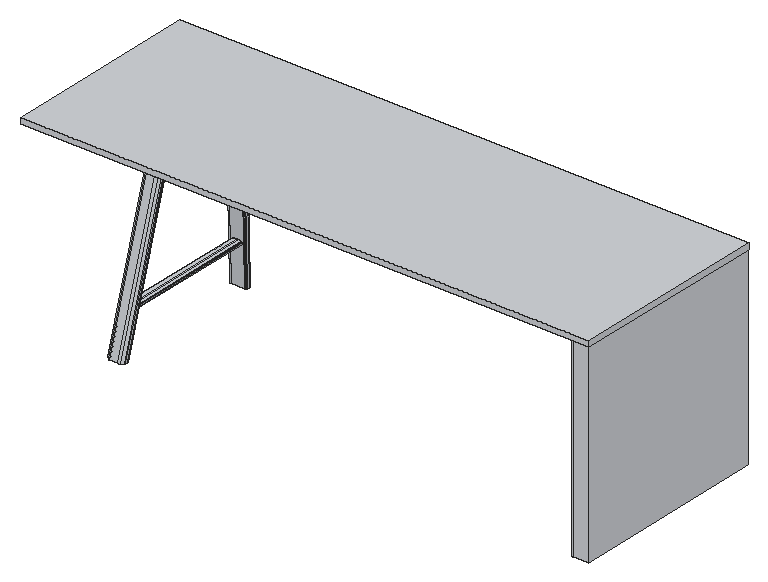
Revit family "Bernhardt_Design-Tables-Freestanding-Frame-Block_42h-Blueprint", category Furniture, Revit 2016
Family settings
  OmniClass Number = 23.40.20.00
  OmniClass Title = General Furniture and Specialties
  Work Plane-Based = No
  Always vertical = Yes
  Cut with Voids When Loaded = No
  Shared = No
  Room Calculation Point = No
Parameters (values of type "BPS-COB-AC")
  Wood = none
  URL = "http://www.bernhardtdesign.com"
  TotalWidth = 120"
  TotalDepth = 42"
  TableWidth_right = TotalWidth / 2 - 8 3/4"  # 51 1/4"
  TableWidth_left = TotalWidth / 2 + 8 3/4"  # 68 3/4"
  TableTopHeight = TotalHeight - 1 1/4"  # 40 3/4"
  TotalHeight = 42"
  TableTop = none
  TableDepth = TotalDepth / 2  # 21"
  SKU = "BPS-COB-AC"
  RailCapFront = RailCap + 2"  # 2"
  RailCap = 0"
  Model = "Blueprint"  # constant formula
  Manufacturer = "Bernhardt Design"  # constant formula
  Railing_bottom = -Railing_top  # -36 1/2"
  Railing_top = 36 1/2"
  LegDistance = 20"
  LegHeight = TableTopHeight  # 40 3/4"
  Copyright © = "Copyright © Bernhardt Design"  # constant formula
  Catalog = SKU  # "BPS-COB-AC"
  CapDistance_right = TableWidth_right - 4"  # 47 1/4"
  CapDistance_left = 47 1/4"
  Blueprint Gray = Blueprint Gray
  BlackPaint = Black Paint
  Authoring Version = "Autodesk Revit 2016"  # constant formula
Types (7): name | TotalWidth | TotalDepth | TableWidth_right | TableWidth_left | TableDepth | SKU | Railing_bottom | Railing_top | Catalog | CapDistance_right | CapDistance_left
  (no name) | 120" | 42" | 51 1/4" | 68 3/4" | 21" | "BPS-COB-AC" | -36 1/2" | 36 1/2" | "BPS-COB-AC" | 47 1/4" | 47 1/4"
  BPS-CGB-AC | 72" | 42" | 27 1/4" | 44 3/4" | 21" | "BPS-CGB-AC" | -24 1/2" | 24 1/2" | "BPS-CGB-AC" | 23 1/4" | 33 1/4"
  BPS-CKB-AC | 96" | 42" | 39 1/4" | 56 3/4" | 21" | "BPS-CKB-AC" | -36 1/2" | 36 1/2" | "BPS-CKB-AC" | 35 1/4" | 35 1/4"
  BPS-COB-AC | 120" | 42" | 51 1/4" | 68 3/4" | 21" | "BPS-COB-AC" | -36 1/2" | 36 1/2" | "BPS-COB-AC" | 47 1/4" | 47 1/4"
  BPS-CGA-AC | 72" | 36" | 27 1/4" | 44 3/4" | 18" | "BPS-CGA-AC" | -24 1/2" | 24 1/2" | "BPS-CGA-AC" | 23 1/4" | 33 1/4"
  BPS-CKA-AC | 96" | 36" | 39 1/4" | 56 3/4" | 18" | "BPS-CKA-AC" | -36 1/2" | 36 1/2" | "BPS-CKA-AC" | 35 1/4" | 35 1/4"
  BPS-COA-AC | 120" | 36" | 51 1/4" | 68 3/4" | 18" | "BPS-COA-AC" | -36 1/2" | 36 1/2" | "BPS-COA-AC" | 47 1/4" | 47 1/4"
Reference planes (in)
  plane 1 "Center Front/Back": y = 0
  plane 2: z = 0
  plane 3 "Center Left/Right": x = 0
  plane 4 "railTop_plane": z = 39.8248
  plane 5 "TableTop_plane": z = 42
  plane 6 "tableBottom_plane": z = 40.75
  plane 7 "railBottom_plane": z = 37.79724
  plane 8 "Crossbar_top_plane": y = 12.06057
  plane 9 "Crossbar_bottom_plane": y = -12.16143
  plane 10 "width_left_plane": x = -68.75
  plane 11 "width_right_plane": x = 51.25
  plane 12 "depth_top_plane": y = 21
  plane 13 "depth_bottom_plane": y = -21
  plane 14 "RailEnd_right_plane": x = 47.25
  plane 15 "RailEnd_left_plane": x = -47.25
  plane 16 "EndCap_right_plane": x = 48.99932
  plane 17 "EndCap_left_plane": x = -48.99269
Forms (in)
  Extrusion 1, solid, material <- "TableTop"
    sketch origin (0, 0, 0) x (1, 0, 0) y (0, 1, 0)
      loop
        line (-68.75, 21) -> (-68.75, -21) -> (51.25, -21) -> (51.25, 21) -> (-68.75, 21)
    from 42 <- "TotalHeight" to 40.75 <- "TableTopHeight"
  Extrusion 2, solid, material "Blueprint Gray" <- "Blueprint Gray"
    sketch origin (0, -6.68362, 17.41142) x (0, -1, 0) y (0, 0, 1)
      loop
        arc (-0.89738, 22.41338) -> (-0.95224, 22.39066) -> (-0.97496, 22.3358) r 0.07758
        line (-0.97496, 22.3358) -> (-0.97496, 20.46243)
        arc (-0.97496, 20.46243) -> (-0.95253, 20.40826) -> (-0.89836, 20.38583) r 0.0766
        line (-0.89836, 20.38583) -> (0.74076, 20.38583)
        arc (0.74076, 20.38583) -> (0.79557, 20.40853) -> (0.81827, 20.46334) r 0.07751
        line (0.81827, 20.46334) -> (0.81827, 22.334)
        arc (0.81827, 22.334) -> (0.79502, 22.39013) -> (0.73889, 22.41338) r 0.07938
        line (0.73889, 22.41338) -> (-0.89738, 22.41338)
      loop
        arc (-14.10793, 22.41338) -> (-14.16279, 22.39066) -> (-14.18551, 22.3358) r 0.07758
        line (-14.18551, 22.3358) -> (-14.18551, 20.46243)
        arc (-14.18551, 20.46243) -> (-14.16307, 20.40826) -> (-14.10891, 20.38583) r 0.0766
        line (-14.10891, 20.38583) -> (-12.46979, 20.38583)
        arc (-12.46979, 20.38583) -> (-12.41498, 20.40853) -> (-12.39228, 20.46334) r 0.07751
        line (-12.39228, 20.46334) -> (-12.39228, 22.334)
        arc (-12.39228, 22.334) -> (-12.41553, 22.39013) -> (-12.47166, 22.41338) r 0.07938
        line (-12.47166, 22.41338) -> (-14.10793, 22.41338)
    from -47.25 to 47.25
  Extrusion 3, solid, material "Blueprint Gray" <- "Blueprint Gray"
    sketch origin (47.25, 0, 0) x (0, 0, -1) y (0, -1, 0)
      loop
        line (-40.75, -7.53436) -> (-37.7432, -7.53436) -> (-37.7432, -5.65936) -> (-40.75, -5.65936) -> (-40.75, -7.53436)
      loop
        line (-40.75, 5.66998) -> (-37.7432, 5.66998) -> (-37.7432, 7.53436) -> (-40.75, 7.53436) -> (-40.75, 5.66998)
    from 0 <- "RailCap" to 2 <- "RailCapFront"
  Extrusion 4, solid, material "Blueprint Gray" <- "Blueprint Gray"
    sketch origin (-47.25, 0, 0) x (0, 0, 1) y (0, -1, 0)
      loop
        line (40.75, -7.53436) -> (40.75, -5.65936) -> (37.7432, -5.65936) -> (37.7432, -7.53436) -> (40.75, -7.53436)
      loop
        line (40.75, 5.66998) -> (40.75, 7.53436) -> (37.7432, 7.53436) -> (37.7432, 5.66998) -> (40.75, 5.66998)
    from 0 <- "RailCap" to 2 <- "RailCapFront"
  Extrusion 5, solid, material <- "Wood"
    sketch origin (0, 0, 0) x (1, 0, 0) y (0, 0, 1)
      loop
        line (-47.25, 40.75) -> (-48.49488, 40.75) -> (-48.97006, 36.22889) -> (-47.25, 36.22889) -> (-47.25, 40.75)
    from -9.99793 to 10.02657
  Extrusion 6, solid, material <- "Wood"
    sketch origin (-35.68981, -12.16143, 0) x (1, 0, 0) y (0, 0, 1)
      loop
        line (-15.05423, 10) -> (-16.03583, 10)
        arc (-16.03583, 10) -> (-16.13195, 9.97957) -> (-16.21145, 9.92181) r 0.23632
        line (-16.21145, 9.92181) -> (-16.48556, 9.60649)
        arc (-16.48556, 9.60649) -> (-16.521, 9.54977) -> (-16.53718, 9.48488) r 0.21376
        line (-16.53718, 9.48488) -> (-16.53718, 9.40601)
        arc (-16.53718, 9.40601) -> (-16.53498, 9.36995) -> (-16.52839, 9.33443) r 0.29589
        line (-16.52839, 9.33443) -> (-16.22713, 8.76783)
        arc (-16.22713, 8.76783) -> (-16.12603, 8.6613) -> (-15.9845, 8.62205) r 0.27478
        line (-15.9845, 8.62205) -> (-15.10556, 8.62205)
        arc (-15.10556, 8.62205) -> (-14.96403, 8.6613) -> (-14.86294, 8.76783) r 0.27478
        line (-14.86294, 8.76783) -> (-14.56167, 9.33443)
        arc (-14.56167, 9.33443) -> (-14.55508, 9.36995) -> (-14.55288, 9.40601) r 0.29589
        line (-14.55288, 9.40601) -> (-14.55288, 9.48488)
        arc (-14.55288, 9.48488) -> (-14.56906, 9.54977) -> (-14.6045, 9.60649) r 0.21376
        line (-14.6045, 9.60649) -> (-14.87861, 9.92181)
        arc (-14.87861, 9.92181) -> (-14.95811, 9.97957) -> (-15.05423, 10) r 0.23632
    from 2.60031 to -26.91143
  Blend 7, solid, material <- "Wood"
    base sketch origin (13.28914, 0, 0) x (1, 0, 0) y (0, 1, 0)
      loop
        line (-64.54539, 17.12558) -> (-66.26528, 17.12558)
        arc (-66.26528, 17.12558) -> (-66.46506, 17.08129) -> (-66.62741, 16.95672) r 0.47272
        line (-66.62741, 16.95672) -> (-67.19214, 16.5155)
        arc (-67.19214, 16.5155) -> (-67.27568, 16.4194) -> (-67.31714, 16.299) r 0.33368
        line (-67.31714, 16.299) -> (-67.31714, 15.94054)
        arc (-67.31714, 15.94054) -> (-67.30053, 15.84638) -> (-67.25273, 15.76358) r 0.2753
        line (-67.25273, 15.76358) -> (-67.11805, 15.62891)
        arc (-67.11805, 15.62891) -> (-67.03777, 15.57776) -> (-66.9434, 15.56534) r 0.21989
        line (-66.9434, 15.56534) -> (-63.86726, 15.56534)
        arc (-63.86726, 15.56534) -> (-63.77289, 15.57776) -> (-63.69262, 15.62891) r 0.21989
        line (-63.69262, 15.62891) -> (-63.55794, 15.76358)
        arc (-63.55794, 15.76358) -> (-63.51013, 15.84638) -> (-63.49353, 15.94054) r 0.2753
        line (-63.49353, 15.94054) -> (-63.49353, 16.299)
        arc (-63.49353, 16.299) -> (-63.53499, 16.4194) -> (-63.61853, 16.5155) r 0.33368
        line (-63.61853, 16.5155) -> (-64.18326, 16.95672)
        arc (-64.18326, 16.95672) -> (-64.34561, 17.08129) -> (-64.54539, 17.12558) r 0.47272
    top sketch origin (13.28914, 0, 0) x (1, 0, 0) y (0, 1, 0)
      loop
        line (-60.31413, 10.71574) -> (-62.03402, 10.71574)
        arc (-62.03402, 10.71574) -> (-62.2338, 10.67145) -> (-62.39615, 10.54688) r 0.47272
        line (-62.39615, 10.54688) -> (-62.96088, 10.10567)
        arc (-62.96088, 10.10567) -> (-63.04442, 10.00956) -> (-63.08588, 9.88916) r 0.33368
        line (-63.08588, 9.88916) -> (-63.08588, 9.53071)
        arc (-63.08588, 9.53071) -> (-63.06927, 9.43655) -> (-63.02147, 9.35375) r 0.2753
        line (-63.02147, 9.35375) -> (-62.88679, 9.21907)
        arc (-62.88679, 9.21907) -> (-62.80651, 9.16793) -> (-62.71214, 9.15551) r 0.21989
        line (-62.71214, 9.15551) -> (-59.636, 9.15551)
        arc (-59.636, 9.15551) -> (-59.54163, 9.16793) -> (-59.46136, 9.21907) r 0.21989
        line (-59.46136, 9.21907) -> (-59.32668, 9.35375)
        arc (-59.32668, 9.35375) -> (-59.27887, 9.43655) -> (-59.26227, 9.53071) r 0.2753
        line (-59.26227, 9.53071) -> (-59.26227, 9.88916)
        arc (-59.26227, 9.88916) -> (-59.30373, 10.00956) -> (-59.38727, 10.10567) r 0.33368
        line (-59.38727, 10.10567) -> (-59.952, 10.54688)
        arc (-59.952, 10.54688) -> (-60.11435, 10.67145) -> (-60.31413, 10.71574) r 0.47272
    from 0 to 40.75 <- "LegHeight"
  Blend 8, solid, material <- "Wood"
    base sketch origin (13.28914, 0, 0) x (1, 0, 0) y (0, 1, 0)
      loop
        arc (-64.54538, -17.12558) -> (-64.3456, -17.08129) -> (-64.18326, -16.95671) r 0.47272
        line (-64.18326, -16.95671) -> (-63.61853, -16.5155)
        arc (-63.61853, -16.5155) -> (-63.53499, -16.41939) -> (-63.49353, -16.29899) r 0.33368
        line (-63.49353, -16.29899) -> (-63.49353, -15.94054)
        arc (-63.49353, -15.94054) -> (-63.51013, -15.84638) -> (-63.55794, -15.76358) r 0.2753
        line (-63.55794, -15.76358) -> (-63.69261, -15.6289)
        arc (-63.69261, -15.6289) -> (-63.77289, -15.57776) -> (-63.86726, -15.56534) r 0.21989
        line (-63.86726, -15.56534) -> (-66.9434, -15.56534)
        arc (-66.9434, -15.56534) -> (-67.03777, -15.57776) -> (-67.11805, -15.6289) r 0.21989
        line (-67.11805, -15.6289) -> (-67.25273, -15.76358)
        arc (-67.25273, -15.76358) -> (-67.30053, -15.84638) -> (-67.31713, -15.94054) r 0.2753
        line (-67.31713, -15.94054) -> (-67.31713, -16.29899)
        arc (-67.31713, -16.29899) -> (-67.27568, -16.41939) -> (-67.19213, -16.5155) r 0.33368
        line (-67.19213, -16.5155) -> (-66.6274, -16.95671)
        arc (-66.6274, -16.95671) -> (-66.46506, -17.08129) -> (-66.26528, -17.12558) r 0.47272
        line (-66.26528, -17.12558) -> (-64.54538, -17.12558)
    top sketch origin (13.28914, 0, 0) x (1, 0, 0) y (0, 1, 0)
      loop
        arc (-60.31413, -10.71574) -> (-60.11435, -10.67145) -> (-59.952, -10.54688) r 0.47272
        line (-59.952, -10.54688) -> (-59.38727, -10.10566)
        arc (-59.38727, -10.10566) -> (-59.30373, -10.00956) -> (-59.26227, -9.88916) r 0.33368
        line (-59.26227, -9.88916) -> (-59.26227, -9.5307)
        arc (-59.26227, -9.5307) -> (-59.27887, -9.43655) -> (-59.32668, -9.35375) r 0.2753
        line (-59.32668, -9.35375) -> (-59.46136, -9.21907)
        arc (-59.46136, -9.21907) -> (-59.54163, -9.16793) -> (-59.636, -9.1555) r 0.21989
        line (-59.636, -9.1555) -> (-62.71214, -9.1555)
        arc (-62.71214, -9.1555) -> (-62.80651, -9.16793) -> (-62.88679, -9.21907) r 0.21989
        line (-62.88679, -9.21907) -> (-63.02147, -9.35375)
        arc (-63.02147, -9.35375) -> (-63.06927, -9.43655) -> (-63.08588, -9.5307) r 0.2753
        line (-63.08588, -9.5307) -> (-63.08588, -9.88916)
        arc (-63.08588, -9.88916) -> (-63.04442, -10.00956) -> (-62.96088, -10.10566) r 0.33368
        line (-62.96088, -10.10566) -> (-62.39615, -10.54688)
        arc (-62.39615, -10.54688) -> (-62.2338, -10.67145) -> (-62.03402, -10.71574) r 0.47272
        line (-62.03402, -10.71574) -> (-60.31413, -10.71574)
    from 0 to 40.75 <- "LegHeight"
  Extrusion 9, solid, material <- "Wood"
    sketch origin (-47.2882, 0, 0) x (1, 0, 0) y (0, 1, 0)
      loop
        line (98.5382, 21) -> (95.36021, 21)
        arc (95.36021, 21) -> (94.85641, 20.83955) -> (94.5382, 20.4173) r 0.87116
        line (94.5382, 20.4173) -> (94.5382, -20.42617)
        arc (94.5382, -20.42617) -> (94.85896, -20.84235) -> (95.36021, -21) r 0.87568
        line (95.36021, -21) -> (98.5382, -21) -> (98.5382, 21)
    from 0 to 40.75 <- "LegHeight"
Dimensions and locks (in)
  "TotalHeight": plane 5 "TableTop_plane" to level
  "TableDepth": plane 1 "Center Front/Back" to plane 12 "depth_top_plane"
  "TableDepth": plane 13 "depth_bottom_plane" to plane 1 "Center Front/Back"
  "TableWidth_left": plane 10 "width_left_plane" to plane 3 "Center Left/Right"
  "TableWidth_right": plane 3 "Center Left/Right" to plane 11 "width_right_plane"
  locked: plane 17 "EndCap_left_plane" to plane 15 "RailEnd_left_plane" at 1.74269
  locked: plane 14 "RailEnd_right_plane" to plane 16 "EndCap_right_plane" at 1.74932
  plane 17 "EndCap_left_plane" to Extrusion 5 = 1.74269"
  "CapDistance_left": plane 15 "RailEnd_left_plane" to plane 3 "Center Left/Right"
  "CapDistance_right": plane 3 "Center Left/Right" to plane 14 "RailEnd_right_plane"
  locked: plane 5 "TableTop_plane" to plane 7 "railBottom_plane" at 4.20276
  locked: plane 4 "railTop_plane" to plane 7 "railBottom_plane" at 2.02756
  locked: plane 6 "tableBottom_plane" to plane 4 "railTop_plane" at 0.9252
  locked: Blend 7 to Blend 7 at 3.8236
  locked: Blend 8 to Blend 8 at 3.8236
  aligned and locked: level to plane 2
  aligned and locked: Extrusion 1 to plane 12 "depth_top_plane"
  aligned and locked: plane 11 "width_right_plane" to Extrusion 1
  aligned and locked: Extrusion 1 to plane 10 "width_left_plane"
  aligned and locked: Extrusion 1 to plane 13 "depth_bottom_plane"
  aligned and locked: plane 15 "RailEnd_left_plane" to Extrusion 5
  aligned and locked: Extrusion 2 to plane 14 "RailEnd_right_plane"
  aligned and locked: Extrusion 2 to plane 15 "RailEnd_left_plane"
Automatic sketch dimensions
  plane 7 "railBottom_plane" to Extrusion 2 sketch curve = 0"  (x2)
  plane 4 "railTop_plane" to Extrusion 2 sketch curve = 0"  (x2)
  Extrusion 2 sketch curve to plane 7 "railBottom_plane" = 0.0766"
  Extrusion 2 sketch curve to plane 8 "Crossbar_top_plane" = 4.55867"
  Extrusion 2 sketch curve to Extrusion 2 sketch curve = 0.07758"
  Extrusion 2 sketch curve to Extrusion 2 sketch curve = 1.63627"  (x2)
  Extrusion 2 sketch curve to plane 7 "railBottom_plane" = 0.07751"  (x2)
  Extrusion 2 sketch curve to Extrusion 2 sketch curve = 1.63912"  (x2)
  plane 4 "railTop_plane" to Extrusion 2 sketch curve = 0.07758"
  plane 1 "Center Front/Back" to Extrusion 2 sketch curve = 5.70865"
  Extrusion 2 sketch curve to Extrusion 2 sketch curve = 0.0766"
  Extrusion 3 sketch curve to plane 6 "tableBottom_plane" = 0"  (x2)
  plane 7 "railBottom_plane" to Extrusion 3 sketch curve = 0.05404"  (x2)
  Extrusion 3 sketch curve to plane 8 "Crossbar_top_plane" = 4.52621"
  Extrusion 3 sketch curve to Extrusion 3 sketch curve = 1 7/8"
  plane 1 "Center Front/Back" to Extrusion 3 sketch curve = 5.66998"
  Extrusion 3 sketch curve to Extrusion 3 sketch curve = 1.86438"
  Extrusion 4 sketch curve to plane 6 "tableBottom_plane" = 0"  (x2)
  plane 7 "railBottom_plane" to Extrusion 4 sketch curve = 0.05404"  (x2)
  Extrusion 4 sketch curve to plane 8 "Crossbar_top_plane" = 4.52621"
  Extrusion 4 sketch curve to Extrusion 4 sketch curve = 1 7/8"
  plane 1 "Center Front/Back" to Extrusion 4 sketch curve = 5.66998"
  Extrusion 4 sketch curve to Extrusion 4 sketch curve = 1.86438"
  Extrusion 5 sketch curve to plane 6 "tableBottom_plane" = 0"
  Extrusion 5 sketch curve to plane 15 "RailEnd_left_plane" = 0"
  plane 17 "EndCap_left_plane" to Extrusion 5 sketch curve = 0.49781"
  plane 17 "EndCap_left_plane" to Extrusion 5 sketch curve = 0.02263"
  plane 7 "railBottom_plane" to Extrusion 5 sketch curve = 1.56835"
  Extrusion 6 sketch curve to plane 17 "EndCap_left_plane" = 1 1/4"
  Extrusion 6 sketch curve to plane 17 "EndCap_left_plane" = 1.25879"
  Extrusion 6 sketch curve to plane 17 "EndCap_left_plane" = 1.30162"
  Extrusion 6 sketch curve to plane 17 "EndCap_left_plane" = 1.46295"
  Extrusion 6 sketch curve to Extrusion 6 sketch curve = 0.08294"  (x2)
  Extrusion 6 sketch curve to plane 17 "EndCap_left_plane" = 1.56006"
  Extrusion 6 sketch curve to plane 17 "EndCap_left_plane" = 1.57573"
  Extrusion 6 sketch curve to Extrusion 6 sketch curve = 0.17562"  (x2)
  Extrusion 6 sketch curve to Extrusion 6 sketch curve = 0.24262"  (x2)
  Extrusion 6 sketch curve to Extrusion 6 sketch curve = 0.87895"
  Extrusion 6 sketch curve to Extrusion 6 sketch curve = 0.05133"
  Extrusion 6 sketch curve to Extrusion 6 sketch curve = 0.20546"
  Extrusion 6 sketch curve to Extrusion 6 sketch curve = 0.16133"
  Extrusion 6 sketch curve to Extrusion 6 sketch curve = 0.20416"
  Extrusion 6 sketch curve to Extrusion 6 sketch curve = 0.00879"
  level to Extrusion 6 sketch curve = 8.62205"
  Extrusion 6 sketch curve to Extrusion 6 sketch curve = 0.14578"  (x2)
  Extrusion 6 sketch curve to Extrusion 6 sketch curve = 0.5666"  (x2)
  Extrusion 6 sketch curve to Extrusion 6 sketch curve = 0.06023"  (x2)
  Extrusion 6 sketch curve to Extrusion 6 sketch curve = 0.07886"  (x2)
  Extrusion 6 sketch curve to Extrusion 6 sketch curve = 0.35767"  (x2)
  Extrusion 6 sketch curve to Extrusion 6 sketch curve = 0.15813"
  Blend 7 sketch curve to plane 17 "EndCap_left_plane" = 5.0353"
  plane 8 "Crossbar_top_plane" to Blend 7 sketch curve = 3.70302"
  Blend 7 sketch curve to Blend 7 sketch curve = 0.06441"  (x2)
  plane 8 "Crossbar_top_plane" to Blend 7 sketch curve = 4.45494"
  Blend 7 sketch curve to Blend 7 sketch curve = 1/8"  (x4)
  Blend 7 sketch curve to Blend 7 sketch curve = 0.13468"  (x8)
  Blend 7 sketch curve to Blend 7 sketch curve = 0.2753"  (x2)
  Blend 7 sketch curve to Blend 7 sketch curve = 0.05514"  (x2)
  Blend 7 sketch curve to Blend 7 sketch curve = 0.07927"  (x4)
  Blend 7 sketch curve to Blend 7 sketch curve = 0.17465"  (x4)
  Blend 7 sketch curve to Blend 7 sketch curve = 0.56473"
  Blend 7 sketch curve to Blend 7 sketch curve = 0.36212"  (x3)
  Blend 7 sketch curve to plane 17 "EndCap_left_plane" = 2.26355"
  Blend 7 sketch curve to plane 17 "EndCap_left_plane" = 1.58543"
  Blend 7 sketch curve to Blend 7 sketch curve = 0.01916"  (x2)
  Blend 7 sketch curve to Blend 7 sketch curve = 0.02413"  (x2)
  Blend 7 sketch curve to Blend 7 sketch curve = 0.20544"  (x2)
  plane 8 "Crossbar_top_plane" to Blend 7 sketch curve = 3.56834"
  Blend 7 sketch curve to Blend 7 sketch curve = 0.06357"  (x3)
  Blend 7 sketch curve to Blend 7 sketch curve = 0.31202"  (x4)
  Blend 7 sketch curve to Blend 7 sketch curve = 0.04644"  (x3)
  Blend 7 sketch curve to Blend 7 sketch curve = 0.4003"  (x4)
  Blend 7 sketch curve to Blend 7 sketch curve = 0.30386"  (x2)
  Blend 7 sketch curve to plane 17 "EndCap_left_plane" = 0.80404"
  Blend 7 sketch curve to plane 17 "EndCap_left_plane" = 0.11431"
  plane 17 "EndCap_left_plane" to Blend 7 sketch curve = 0.24781"
  plane 15 "RailEnd_left_plane" to Blend 7 sketch curve = 0.22502"
  plane 15 "RailEnd_left_plane" to Blend 7 sketch curve = 0.90314"
  Blend 7 sketch curve to plane 8 "Crossbar_top_plane" = 2.90506"
  Blend 8 sketch curve to plane 17 "EndCap_left_plane" = 5.0353"
  plane 9 "Crossbar_bottom_plane" to Blend 8 sketch curve = 3.60215"
  Blend 8 sketch curve to Blend 8 sketch curve = 0.06441"  (x2)
  plane 9 "Crossbar_bottom_plane" to Blend 8 sketch curve = 4.35407"
  Blend 8 sketch curve to Blend 8 sketch curve = 1/8"  (x4)
  Blend 8 sketch curve to Blend 8 sketch curve = 0.13468"  (x7)
  Blend 8 sketch curve to Blend 8 sketch curve = 0.21089"
  Blend 8 sketch curve to Blend 8 sketch curve = 0.05514"  (x2)
  Blend 8 sketch curve to Blend 8 sketch curve = 0.07927"  (x4)
  Blend 8 sketch curve to Blend 8 sketch curve = 0.17465"  (x4)
  Blend 8 sketch curve to Blend 8 sketch curve = 0.56473"
  Blend 8 sketch curve to Blend 8 sketch curve = 0.36212"  (x3)
  Blend 8 sketch curve to plane 17 "EndCap_left_plane" = 2.26355"
  Blend 8 sketch curve to plane 17 "EndCap_left_plane" = 1.58543"
  Blend 8 sketch curve to Blend 8 sketch curve = 0.01916"  (x2)
  Blend 8 sketch curve to Blend 8 sketch curve = 0.02413"  (x2)
  Blend 8 sketch curve to Blend 8 sketch curve = 0.20544"  (x2)
  Blend 8 sketch curve to Blend 8 sketch curve = 0.13736"
  Blend 8 sketch curve to Blend 8 sketch curve = 0"
  Blend 8 sketch curve to Blend 8 sketch curve = 0.30386"  (x2)
  Blend 8 sketch curve to Blend 8 sketch curve = 0.44122"
  Blend 8 sketch curve to Blend 8 sketch curve = 0.21651"  (x2)
  Blend 8 sketch curve to Blend 8 sketch curve = 0.35846"
  Blend 8 sketch curve to Blend 8 sketch curve = 0.15615"  (x2)
  plane 17 "EndCap_left_plane" to Blend 8 sketch curve = 0.80404"
  Blend 8 sketch curve to Blend 8 sketch curve = 0.2753"
  plane 17 "EndCap_left_plane" to Blend 8 sketch curve = 0.11431"
  Blend 8 sketch curve to plane 17 "EndCap_left_plane" = 0.24781"
  Blend 8 sketch curve to plane 15 "RailEnd_left_plane" = 0.22502"
  Blend 8 sketch curve to plane 15 "RailEnd_left_plane" = 0.90314"
  plane 9 "Crossbar_bottom_plane" to Blend 8 sketch curve = 3.00592"
  Blend 8 sketch curve to Blend 8 sketch curve = 0.06357"  (x2)
  Blend 8 sketch curve to Blend 8 sketch curve = 0.31202"  (x2)
  Blend 8 sketch curve to Blend 8 sketch curve = 0.04644"  (x2)
  Blend 8 sketch curve to Blend 8 sketch curve = 0.4003"  (x2)
  Extrusion 1 sketch curve to plane 10 "width_left_plane" = 0"
  Extrusion 1 sketch curve to plane 11 "width_right_plane" = 0"
  plane 13 "depth_bottom_plane" to Extrusion 1 sketch curve = 0"
  plane 12 "depth_top_plane" to Extrusion 1 sketch curve = 0"
  plane 13 "depth_bottom_plane" to Extrusion 9 sketch curve = 0"
  plane 12 "depth_top_plane" to Extrusion 9 sketch curve = 0"
  Extrusion 9 sketch curve to plane 13 "depth_bottom_plane" = 0.57383"
  Extrusion 9 sketch curve to plane 11 "width_right_plane" = 4"
  Extrusion 9 sketch curve to Extrusion 9 sketch curve = 0.82201"
  Extrusion 9 sketch curve to plane 13 "depth_bottom_plane" = 0.87568"
  Extrusion 9 sketch curve to Extrusion 9 sketch curve = 3.17799"
  Extrusion 9 sketch curve to Extrusion 9 sketch curve = 0.87116"
